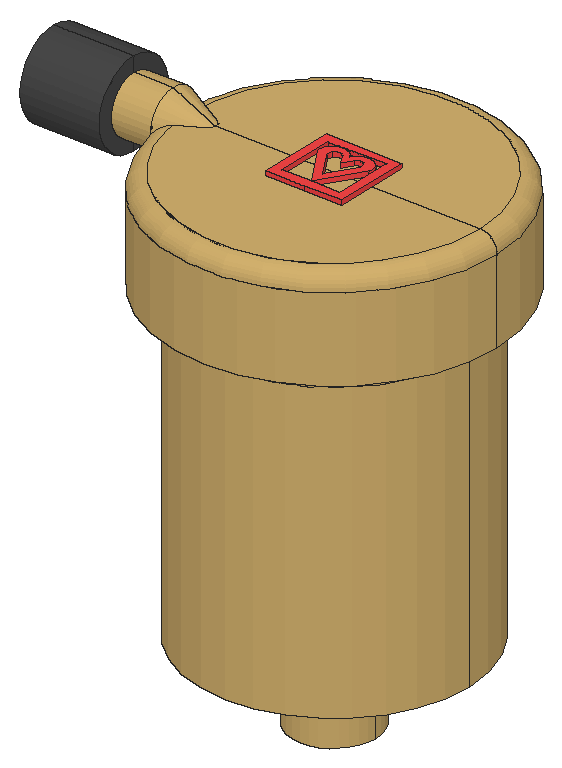
Revit family "Automatic air vents 2630 02", category Rohrzubehör, Revit 2018
Family settings
  Bemaßung runder Anschluss = Durchmesser verwenden
  Teiletyp = Normal
  OmniClass-Nummer = 23.65.55.14
  OmniClass-Titel = Valves for Liquid Services
  Arbeitsebenenbasiert = Nein
  Immer vertikal = Ja
  Beim Laden mit Abzugskörper schneiden = Nein
  Gemeinsam genutzt = Nein
Parameters
  URL = "www.herzvalves.com"
  SCRNSEQ = "AWI;AWI_TYP=\"1013\";1"
  SCRNCODE = "05;14;01"  # constant formula
  Part number [instance] = if(Nennweite AG = 10.000 mm, 1263002, 0)  # 1263002
  Float ball = "polypropylene "  # constant formula
  S02 = 11.000 mm  # constant formula
  S01 = 24.500 mm  # constant formula
  R01 = 2.000 mm  # constant formula
  Nennweite AG [instance] = 10.000 mm  # constant formula
  min. Operating temperature = 0 °C  # constant formula
  Medium = "heating water quality according to ÖNORM H5195 or VDI-Standard 2035.\r\nthe use of ethylene or propylene glycol in a mixing ratio 25-50% is allowed.\r\nplease refer to manufacturers documentation when using ethylene glycol products for frost and corrosion protection.\r\nthe HERZ air vent is not suitable for usage of aggressive medium (such as: acids, alkalis, combustible and explosive gases..) because it can damage the sealing components."
  max. Structual pressure = 1200000.0 Pa  # constant formula
  max. Operating temperature = 110 °C  # constant formula
  max. Operating pressure = 800000.0 Pa  # constant formula
  L04 = L00 - L01  # 24.000 mm
  L03 = 13.500 mm  # constant formula
  L02 = 4.800 mm  # constant formula
  L01 = 9.500 mm  # constant formula
  L00 = 33.500 mm  # constant formula
  Hersteller = "Herz-Armaturen GmbH"  # constant formula
  H05 = H00 - 1.000 mm  # 58.000 mm
  H04 = H03 - D03  # 57.900 mm
  H03 = 63.000 mm  # constant formula
  H02 = 9.500 mm  # constant formula
  H01 = 12.000 mm  # constant formula
  H00 = 59.000 mm  # constant formula
  Housing = "forged brass acc. to EN 12165, CW617N "  # constant formula
  G1 [instance] = Nennweite AG / 2  # 5.000 mm
  Sealing = "NBR"  # constant formula
  Lid = "forged brass acc. to EN 12165, CW617N"  # constant formula
  D05 = 0.800 mm  # constant formula
  D04 = 3.400 mm  # constant formula
  D03 = 5.100 mm  # constant formula
  D02 = 19.500 mm  # constant formula
  D01 = 16.200 mm  # constant formula
  External threaded connectors = "acc. to ISO 228"  # constant formula
  Field of application = "HERZ - Air vent is used for venting of the central heating installations.\r\nthe air vent should be placed nearby the boiler or at the highest points of installation.\r\ninstallations must be carried out in such a way that the retention of air bubbles in a certain part of installation is not possible.\r\nbefore usage, unscrew the polypropylene cover cap on the lid for 2 to 3 turns.\r\nin case of uncontrolled medium leakage, tighten the cover cap.\r\nthe air vent must be cleaned or replaced.\r\nwe always recommend to use backflow preventer for easy service and replacement of the air vent."
  Cover cap = "polypropylene, black colour"  # constant formula
Reference planes
  plane 1 "Mitte (Vorne/hinten)": y = 0
  plane 2: z = 0
  plane 3 "Mitte (Links/rechts)": x = 0
Forms (mm)
  Revolve 1, solid, material "Messing", detail levels fine
    sketch origin (0, 0, 0) x (1, 0, 0) y (0, 0, 1)
      loop
        line (0, 0) -> (0, 59) -> (-17.5, 59)
        arc (-17.5, 59) -> (-18.914, 58.414) -> (-19.5, 57) r 2
        line (-19.5, 57) -> (-19.5, 47) -> (-18.2, 47)
        arc (-18.2, 47) -> (-16.786, 46.414) -> (-16.2, 45) r 2
        line (-16.2, 45) -> (-16.2, 9.5) -> (-5, 9.5) -> (-5, 0) -> (0, 0)
      axis (0, 59) -> (0, 0)
    angle from 0 to 360
  Revolve 2, solid, material "Kunststoff - schwarz", detail levels fine
    sketch origin (0, 0, 0) x (1, 0, 0) y (0, 0, 1)
      loop
        line (-33.5, 57.9) -> (-24, 57.9) -> (-24, 63) -> (-33.5, 63) -> (-33.5, 57.9)
      axis (-33.5, 57.9) -> (-24, 57.9)
    angle from 0 to 360
  Revolve 3, solid, material "Messing", detail levels fine
    sketch origin (0, 0, 0) x (1, 0, 0) y (0, 0, 1)
      loop
        line (-24, 57.9) -> (0, 57.9) -> (0, 58.7) -> (-13.5, 58.7) -> (-19.2, 61.3) -> (-24, 61.3) -> (-24, 57.9)
      axis (-24, 57.9) -> (0, 57.9)
    angle from 0 to 360
Lines and regions (mm)
  model lines, detail levels coarse+medium
    curve 1: line (0, 0, 59) -> (-11.455, 0, 47.545)
    curve 2: line (0, 0, 59) -> (11.455, 0, 47.545)
    curve 3: circle (0, 0, 34.5) r 11 normal (0, -1, 0)
    curve 4: line (0, 0, 10) -> (-11.455, 0, 21.455)
    curve 5: line (0, 0, 10) -> (11.455, 0, 21.455)
    curve 6: line (0, 0, 59) -> (0, 0, 45.5)
    curve 7: line (0, 0, 23.5) -> (0, 0, 0)
    curve 8: line (0, 0, 59) -> (0, -11.455, 47.545)
    curve 9: line (0, 0, 59) -> (0, 11.455, 47.545)
    curve 10: circle (0, 0, 34.5) r 11 normal (1, 0, 0)
    curve 11: line (0, 0, 10) -> (0, -11.455, 21.455)
    curve 12: line (0, 0, 10) -> (0, 11.455, 21.455)
    curve 13: line (0, 59, 0) -> (11.455, 47.545, 0)
    curve 14: line (0, 59, 0) -> (-11.455, 47.545, 0)
    curve 15: circle (0, 34.5, 0) r 11 normal (0, 0, 1)
    curve 16: line (0, 59, 0) -> (0, 45.5, 0)
    curve 17: line (0, 23.5, 0) -> (0, 0, 0)
    curve 18: line (0, 10, 0) -> (11.455, 21.455, 0)
    curve 19: line (0, 10, 0) -> (-11.455, 21.455, 0)
Dimensions and locks
  "G1": Revolve 1 sketch curve to Revolve 1 sketch curve
  "H00": Revolve 1 sketch curve to Revolve 1 sketch curve
  "D01": Revolve 1 sketch curve to Revolve 1 sketch curve
  "D02": Revolve 1 sketch curve to Revolve 1 sketch curve
  "H02": Revolve 1 sketch curve to Revolve 1 sketch curve
  "H01": Revolve 1 sketch curve to Revolve 1 sketch curve
  "D03": Revolve 2 sketch curve to Revolve 2 sketch curve
  "L01": Revolve 2 sketch curve to Revolve 2 sketch curve
  "L00": Revolve 2 sketch curve to plane 3 "Mitte (Links/rechts)"
  "D04": Revolve 3 sketch curve to Revolve 3 sketch curve
  "L02": Revolve 3 sketch curve to Revolve 3 sketch curve
  "L03": Revolve 3 sketch curve to plane 3 "Mitte (Links/rechts)"
  "L04": Revolve 3 sketch curve to plane 3 "Mitte (Links/rechts)"
  "D05": Revolve 3 sketch curve to Revolve 3 sketch curve
  "H03": Revolve 2 sketch curve to plane 2
  "H04": Revolve 3 sketch curve to plane 2
  "H05": nested 1 to plane 2
  "D01": curve 2 to curve 2
  "D01": curve 1 to curve 2
  "S01": curve 5 to curve 3 to curve 2
  "H00": curve 6 to plane 2
  "D01": curve 4 to curve 5
  "D01": curve 5 to curve 5
  "S01": curve 9 to curve 10
  "H00": curve 9 to plane 2
  "S01": curve 12 to curve 10
  "D01": curve 8 to curve 8
  "D01": curve 9 to curve 9
  "D01": curve 11 to curve 11
  "D01": curve 12 to curve 12
  "H00": curve 16 to curve 17
  "D01": curve 14 to curve 14
  "D01": curve 13 to curve 13
  "D01": curve 19 to curve 19
  "D01": curve 18 to curve 18
  "S01": curve 16 to curve 15 to curve 19
  "R01": radius of Revolve 1 sketch curve  (x2)
  "S02": radius of curve 3
  "S02": radius of curve 10
  "S02": radius of curve 15
  angle curve 1 to curve 6 = 45.00°
  angle curve 6 to curve 2 = 45.00°
  angle curve 5 to curve 7 = 45.00°
  angle curve 7 to curve 4 = 45.00°
  angle plane 1 "Mitte (Vorne/hinten)" to curve 9 = 45.00°
  angle curve 8 to plane 1 "Mitte (Vorne/hinten)" = 45.00°
  angle plane 1 "Mitte (Vorne/hinten)" to curve 11 = 45.00°
  angle curve 12 to plane 1 "Mitte (Vorne/hinten)" = 45.00°
  angle curve 16 to curve 13 = 45.00°
  angle curve 14 to curve 16 = 45.00°
  angle curve 16 to curve 19 = 45.00°
  angle curve 18 to curve 17 = 45.00°
  aligned and locked: level to plane 2
Automatic sketch dimensions
  curve 12 to plane 1 "Mitte (Vorne/hinten)" = 0.000 mm
  curve 10 to plane 1 "Mitte (Vorne/hinten)" = 0.000 mm
  curve 9 to plane 1 "Mitte (Vorne/hinten)" = 0.000 mm
  curve 2 to plane 3 "Mitte (Links/rechts)" = 0.000 mm
  curve 7 to plane 3 "Mitte (Links/rechts)" = 0.000 mm
  curve 3 to plane 3 "Mitte (Links/rechts)" = 0.000 mm
  curve 4 to plane 3 "Mitte (Links/rechts)" = 0.000 mm
  curve 14 to plane 3 "Mitte (Links/rechts)" = 0.000 mm
  curve 19 to plane 3 "Mitte (Links/rechts)" = 0.000 mm
  curve 15 to plane 3 "Mitte (Links/rechts)" = 0.000 mm
  curve 17 to plane 3 "Mitte (Links/rechts)" = 0.000 mm
  plane 1 "Mitte (Vorne/hinten)" to curve 17 = 0.000 mm
  Revolve 1 sketch curve to level = 0.000 mm
  Revolve 1 sketch curve to plane 3 "Mitte (Links/rechts)" = 0.000 mm  (x2)
  Revolve 1 sketch curve to level = 2000.000 mm
  Revolve 1 sketch curve to Revolve 1 sketch curve = 1937.000 mm
  Revolve 2 sketch curve to Revolve 2 sketch curve = 0.000 mm  (x3)
  Revolve 3 sketch curve to plane 3 "Mitte (Links/rechts)" = 0.000 mm
  Revolve 3 sketch curve to Revolve 3 sketch curve = 0.212 mm
  Revolve 3 sketch curve to plane 3 "Mitte (Links/rechts)" = 0.539 mm
  Revolve 3 sketch curve to Revolve 3 sketch curve = 0.000 mm
Nested families
  nested 1: "Herz-Logo" at (0, 0, 58), type "Herz-Logo", detail levels fine
Connectors
  piping at (0, 0, 0), diameter 10, driven by "Nennweite AG"
    settings: on Revolve 1, index 1, connector inside diameter 609.6 mm, connector length 0.000 mm, flow factor 0, pipe flow 0.0 L/s, pressure drop 0.0 Pa, fitting loss kfactor 0, connector angle 0.00°, fixture units 0, engagement length 0.000 mm, angle of deflection 0.00°, flow configuration 0, flow direction 1, fitting loss method 0, system type 29, joint type 0, gender type 0, connector reference index -1, connector utility 0, adjustable connector no, is connector primary yes, connector description ""
Definition of nested family "Herz-Logo"
  Reference planes
    plane 1 "Mitte (Vorne/hinten)": y = 0
    plane 2: z = 0
    plane 3 "Mitte (Links/rechts)": x = 0
  Forms (mm)
    Extrusion 1, solid
      sketch origin (0, 0, 0) x (1, 0, 0) y (0, 1, 0)
        loop
          line (-0.018, -4.517) -> (4.482, -4.517) -> (4.482, 4.483) -> (-4.518, 4.483) -> (-4.518, -4.517) -> (-0.018, -4.517)
        loop
          line (-0.05, -3.48) -> (3.482, -3.48) -> (3.482, 3.483) -> (-3.518, 3.483) -> (-3.518, -3.48) -> (-0.05, -3.48)
        loop
          arc (-0.018, 2.383) -> (-1.543, 3.287) -> (-3.067, 2.383) r 1.738
          arc (-3.067, 2.383) -> (-3.191, 1.899) -> (-3.067, 1.415) r 1.009
          line (-3.067, 1.415) -> (-0.018, -3.281) -> (3.032, 1.415)
          arc (3.032, 1.415) -> (3.156, 1.899) -> (3.032, 2.383) r 1.009
          arc (3.032, 2.383) -> (1.507, 3.287) -> (-0.018, 2.383) r 1.738
        loop
          arc (1.885, 1.272) -> (2.005, 1.675) -> (1.885, 2.079) r 0.74
          arc (1.885, 2.079) -> (1.265, 2.416) -> (0.644, 2.079) r 0.74
          line (0.644, 2.079) -> (-0.018, 0.97) -> (-0.679, 2.079)
          arc (-0.679, 2.079) -> (-1.3, 2.416) -> (-1.921, 2.079) r 0.74
          arc (-1.921, 2.079) -> (-2.04, 1.675) -> (-1.921, 1.272) r 0.74
          line (-1.921, 1.272) -> (-0.018, -1.658) -> (1.885, 1.272)
      from 0 to 1.5
  Dimensions and locks
    aligned and locked: level to plane 2
